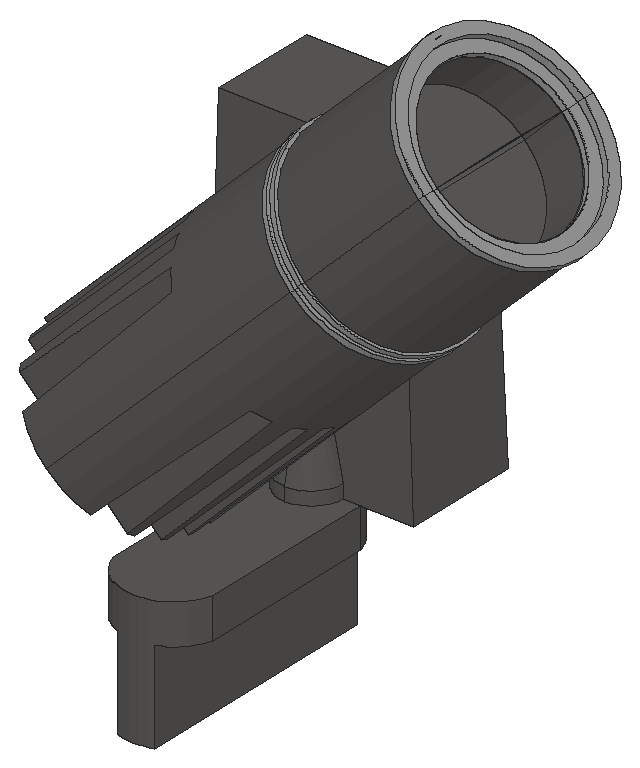
Revit family "2055965", category Lighting Fixtures, host Face, Revit 2016
Family settings
  Host = Face
  Part Type = Normal
  Round Connector Dimension = Use Diameter
  OmniClass Number = 23.80.70.00
  OmniClass Title = Lighting
  Cut with Voids When Loaded = No
  Light Source = No
  Shared = No
  Room Calculation Point = No
Parameters (values of type "2055965 BCON PRJ FRAM DALI L3 3K BLK")
  Weight = "1.365 kg"
  Wattage Comments = ""
  WarrantyStartDate [instance] = "n/a"
  WarrantyGuarantorParts = "n/a"
  WarrantyDurationUnit = "n/a"
  WarrantyDurationParts = "n/a"
  WarrantyDescription = "n/a"
  Voltage = 230 V
  URL = "http://www.sylvania-lighting.com"
  TypeName = "BCON PRJ FRAM DALI L3 3K BLK"
  TypeHead_SYL = Beacon LED Projector Framing Head : 2055965 BCON PRJ FRAM DALI L3 3K BLK
  Type Image = <None>
  Type Comments = "n/a"
  Track_SYL = yes
  Surface_SYL = not(Track_SYL)  # no
  SerialNumber [instance] = "n/a"
  Material_3_SYL = none
  PowerFactor = 0.95
  PowerConsumption = "35 W"
  NominalLength = 0 mm
  NominalHeight = 215 mm
  NominalDepth = 185 mm
  Name = "BCON PRJ FRAM DALI L3 3K BLK"
  ModelReference = Name  # "BCON PRJ FRAM DALI L3 3K BLK"
  ModelNumber = "2055965"
  Model = Name  # "BCON PRJ FRAM DALI L3 3K BLK"
  Material = "aluminium housing"
  ManufacturerName = "Feilo Sylvania"
  Manufacturer = "Feilo Sylvania"
  LuminousEfficacy = "14 lm/W"
  LuminaireType = ""
  LightOutputRatio = "100"
  LampsType = Lamp  # "LED"
  LampNominalLuminous = "474 lm"
  LampMacAdamStep = "3"
  LampColourTemperature = "3000 K"
  LampColourRenderingIndex = "97"
  Lamp = "LED"
  Keynote = "16500"
  InstallationDate [instance] = "n/a"
  InputVoltage = "AC 230 V"
  InputNominalFrequency = "50/60 Hz"
  IngressProtection = "IP20"
  ImpactProtectionIndex = "IK02"
  IfcExportType = "IfcLightFixtureType"
  IfcExportAs = "IfcLightFixtureType"
  HorizontalRotation_SYL [instance] = 0.00°
  EndAngle_SYL [instance] = HorizontalRotation_SYL + 180.00°  # 180.00°
  ElectricShockClassification = "Class II"
  DocumentationLiterature = "http://www.sylvania-lighting.com/product/en-int/products/2055965"
  DimmingControlOptions = "n/a"
  Material_2_SYL = Body-Sylvania-Black
  Description = "Beacon Projector offers precision light exactly where it is needed. The Framing Projector has four adjustable arms allowing the beam to be framed to the desired size shape (square/rectangle or irregular 4 sided shapes).High colour rendering CRI 97 typical. IR/UV free light source without heat radiation. LED technology provides an energy efficient solution with reduced maintenance costs."
  Default Elevation = 1219.2 mm
  CreatedOn = "3/14/2019"
  CreatedBy = "@sylvania-lighting.com"
  Cost = 0
  built-in parameter 1114216 [instance] = (empty or 0)
  ClassificationValue = "EF_70_80"
  ClassificationName = "Uniclass2015"
  Material_1_SYL = Body-Sylvania-Black
  BarCode [instance] = "n/a"
  AssetType = "Fixed"
  AssetIdentifier [instance] = "n/a"
  Assembly Code = "D5020200"
  Apparent Load = 35 VA
  Material_4_SYL = none
Reference planes
  plane 1 "Center (Front/Back)": y = 0
  plane 2: z = 0
  plane 3 "Center (Left/Right)": x = 0
  plane 4: x = 7
  plane 5: x = -7
  plane 6: z = -34.5
  plane 7: z = 15
  plane 8: x = 18.5
  plane 9: x = -18.5
  plane 10: y = 48.5
  plane 11: y = -48.5
  plane 12: y = 34.5
  plane 13: y = -34.5
  plane 14: y = 77
  plane 15: y = -8
  plane 16: x = 42.5
  plane 17: x = -42.5
Forms (mm)
  Extrusion 1, solid, material "Body-Sylvania-Black" <- "Material_1_SYL", visible <- "Track_SYL"
    sketch origin (0, 0, 0) x (1, 0, 0) y (0, 0, 1)
      loop
        line (-18.5, 15) -> (-18.5, 0) -> (-7, 0) -> (-7, -34.5) -> (7, -34.5) -> (7, 0) -> (18.5, 0) -> (18.5, 15) -> (-18.5, 15)
    from -48.5 to 48.5
  Extrusion 2, void
    sketch origin (0, 0, 0) x (1, 0, 0) y (0, 1, 0)
      loop
        arc (-18.5, 34.5) -> (0, 48.5) -> (18.5, 34.5) r 19.223
        line (18.5, 34.5) -> (21.5, 34.5) -> (21.5, 54.5) -> (-23.5, 54.5) -> (-23.5, 34.5) -> (-18.5, 34.5)
      loop
        line (-18.5, -34.5) -> (-23.5, -34.5) -> (-23.5, -54.5) -> (21.5, -54.5) -> (21.5, -34.5) -> (18.5, -34.5)
        arc (18.5, -34.5) -> (0, -48.5) -> (-18.5, -34.5) r 19.223
    from -34.5 to 15
  Revolve 3, solid, not visible
    sketch origin (0, 0, 0) x (0, 1, 0) y (0, 0, 1)
      loop
        line (34.5, 15) -> (48.5, 15) -> (48.5, 39.844) -> (34.5, 39.844) -> (34.5, 15)
      axis (34.5, 15) -> (34.5, 39.844)
    angle from 0 <- "HorizontalRotation_SYL" to 180 <- "EndAngle_SYL"
  Extrusion 4, solid, material "Body-Sylvania-Black" <- "Material_1_SYL", visible <- "Surface_SYL"
    sketch origin (0, 0, 0) x (1, 0, 0) y (0, 1, 0)
      loop
        arc (39.5, -8) -> (41.621, -7.121) -> (42.5, -5) r 3
        line (42.5, -5) -> (42.5, 74)
        arc (42.5, 74) -> (41.621, 76.121) -> (39.5, 77) r 3
        line (39.5, 77) -> (-39.5, 77)
        arc (-39.5, 77) -> (-41.621, 76.121) -> (-42.5, 74) r 3
        line (-42.5, 74) -> (-42.5, -5)
        arc (-42.5, -5) -> (-41.621, -7.121) -> (-39.5, -8) r 3
        line (-39.5, -8) -> (39.5, -8)
    from 0 to 15
Cuts and joins
  Extrusion 2 cuts Extrusion 1
Dimensions and locks
  plane 8 to plane 4 to plane 3 "Center (Left/Right)" to plane 5 to plane 9 = 11.5 mm locked, 7 mm locked, 7 mm locked, 11.5 mm locked
  plane 7 to level to plane 6 = 15 mm locked, 34.5 mm locked
  plane 11 to plane 1 "Center (Front/Back)" to plane 10 = 48.5 mm locked, 48.5 mm locked
  plane 13 to plane 1 "Center (Front/Back)" to plane 12 = 34.5 mm locked, 34.5 mm locked
  plane 15 to plane 12 to plane 14 = 42.5 mm locked, 42.5 mm locked
  plane 16 to plane 3 "Center (Left/Right)" to plane 17 = 42.5 mm locked, 42.5 mm locked
  aligned and locked: plane 2 to host face
  aligned and locked: level to host face
  aligned and locked: plane 7 to Extrusion 1 sketch curve
  aligned and locked: level to Extrusion 1 sketch curve
  aligned and locked: Extrusion 1 sketch curve to plane 8
  aligned and locked: Extrusion 1 sketch curve to plane 6
  aligned and locked: Extrusion 1 sketch curve to plane 4
  aligned and locked: plane 5 to Extrusion 1 sketch curve
  aligned and locked: Extrusion 1 sketch curve to level
  aligned and locked: Extrusion 1 to plane 10
  aligned and locked: plane 11 to Extrusion 1
  aligned and locked: plane 12 to Extrusion 2 sketch curve  (x2)
  aligned and locked: plane 8 to Extrusion 2 sketch curve
  aligned and locked: plane 9 to Extrusion 2 sketch curve
  aligned and locked: plane 13 to Extrusion 2 sketch curve  (x3)
  aligned and locked: Extrusion 2 sketch curve to Extrusion 2 sketch curve  (x2)
  aligned and locked: plane 6 to Extrusion 2
  aligned and locked: Extrusion 2 to plane 7
  aligned and locked: Revolve 3 sketch curve to plane 12
  aligned and locked: Revolve 3 sketch curve to cut or joined group of Extrusion 1, Extrusion 2  (x2)
  aligned and locked: Revolve 3 sketch curve to plane 10
  aligned and locked: Extrusion 4 sketch curve to plane 15
  aligned and locked: Extrusion 4 sketch curve to plane 16
  aligned and locked: plane 14 to Extrusion 4 sketch curve
  aligned and locked: plane 17 to Extrusion 4 sketch curve
  aligned and locked: Extrusion 4 to plane 7
  aligned and locked: Extrusion 4 to level
  aligned and locked: nested 2 to plane 12
Nested families
  nested 1: "Beacon LED Projector Framing Gearbox" at (0, 34.5, 15) x (0, 1, 0) z (1, 0, 0), type "Type Name"
    with VerticalRotation_SYL -45.00°, EndAngle_SYL 135.00°
  nested 2: "Beacon LED Projector Framing Head" at (0, -10.5, 78) x (0, 1, 0) z (0.7071, 0, 0.7071), type <- "TypeHead_SYL", type "2055965 BCON PRJ FRAM DALI L3 3K BLK"
    with built-in parameter 1114216 (empty or 0)
Connectors
  electrical at (0, 34.5, 0), driven by "Voltage", driven by "Apparent Load", driven by "PowerFactor"
    settings: on Extrusion 4, index 1, voltage 230 V, apparent load 35 VA, apparent load phase1 0 VA, apparent load phase2 0 VA, apparent load phase3 0 VA, power factor 0.95, load classification "Other", number of poles 1, system type 30, power factor state 1, is connector primary yes, connector utility no, sub classification motor no, connector description ""
Definition of nested family "Beacon LED Projector Framing Gearbox"
  Parameters (values of type "Type Name")
    VerticalRotation_SYL [instance] = 0.00°
    URL = "http://www.sylvania-lighting.com"
    Type Image = (empty or 0)
    Type Comments = "n/a"
    Material_3_SYL = none
    Model = ""
    Manufacturer = "Feilo Sylvania"
    Keynote = ""
    Material_2_SYL = none
    EndAngle_SYL [instance] = VerticalRotation_SYL + 180.00°  # 180.00°
    Description = ""
    Default Elevation = 1219.2 mm
    Cost = 0
    Material_1_SYL = none
    Assembly Code = ""
    Material_4_SYL = none
  Reference planes
    plane 1 "Center (Front/Back)": y = 0
    plane 2: z = 0
    plane 3 "Center (Left/Right)": x = 0
    plane 4: y = 5
    plane 5: y = 63
    plane 6: y = 47
    plane 7: y = 121
    plane 8: x = -3
    plane 9: x = -12
    plane 10: x = 41
    plane 11: x = 44
    plane 12: z = 38.5
    plane 13: z = -38.5
    plane 14: z = 34.5
    plane 15: z = -34.5
  Forms (mm)
    Extrusion 1, solid
      sketch origin (4.2, 0, 0) x (1, 0, 0) y (0, 1, 0)
        loop
          line (-1219.2, 1219.2) -> (-1219.2, -1219.2) -> (1219.2, -1219.2) -> (1219.2, 1219.2) -> (-1219.2, 1219.2)
      from 0 to -68.017
    Revolve 2, solid, material <- "Material_1_SYL"
      sketch origin (0, 0, 0) x (1, 0, 0) y (0, 1, 0)
        loop
          line (0, 0) -> (0, 47) -> (-3, 47) -> (-12, 5) -> (-12, 0) -> (0, 0)
        axis (0, 47) -> (0, 0)
      angle from 360 to 0
    Blend 3, solid, material <- "Material_1_SYL"
      base sketch origin (0, 0, 0) x (1, 0, 0) y (0, 0, 1)
        loop
          line (0, -38.5) -> (44, -38.5) -> (44, 38.5) -> (0, 38.5) -> (0, -38.5)
      top sketch origin (0, 0, 0) x (1, 0, 0) y (0, 0, 1)
        loop
          line (0, 34.5) -> (0, -34.5) -> (41, -34.5) -> (41, 34.5) -> (0, 34.5)
      from 0 to -121
    Revolve 4, solid, not visible
      sketch origin (0, 0, 0) x (1, 0, 0) y (0, 1, 0)
        loop
          line (0, 63) -> (-12, 63) -> (-12, 47) -> (0, 47) -> (0, 63)
        axis (0, 63) -> (-12, 63)
      angle from 0 <- "VerticalRotation_SYL" to 180 <- "EndAngle_SYL"
  Cuts and joins
    joined: Revolve 2, Blend 3
  Dimensions and locks
    plane 3 "Center (Left/Right)" to plane 10 to plane 11 = 41 mm locked, 3 mm locked
    plane 9 to plane 8 to plane 3 "Center (Left/Right)" = 9 mm locked, 3 mm locked
    plane 1 "Center (Front/Back)" to plane 4 to plane 6 to plane 5 to plane 7 = 5 mm locked, 42 mm locked, 16 mm locked, 58 mm locked
    plane 14 to level to plane 15 = 34.5 mm locked, 34.5 mm locked
    locked: plane 12 to plane 14 at 4
    locked: plane 15 to plane 13 at 4
    aligned and locked: plane 2 to Extrusion 1
    aligned and locked: level to Extrusion 1
    aligned and locked: Revolve 2 sketch curve to plane 3 "Center (Left/Right)"  (x2)
    aligned and locked: Revolve 2 sketch curve to Revolve 2 sketch curve
    aligned and locked: Revolve 2 sketch curve to plane 1 "Center (Front/Back)"
    aligned and locked: plane 4 to Revolve 2 sketch curve
    aligned and locked: plane 9 to Revolve 2 sketch curve
    aligned and locked: plane 6 to Revolve 2 sketch curve  (x2)
    aligned and locked: plane 3 "Center (Left/Right)" to Revolve 2 sketch curve
    aligned and locked: plane 13 to Blend 3 sketch curve
    aligned and locked: Blend 3 sketch curve to plane 3 "Center (Left/Right)"
    aligned and locked: Blend 3 sketch curve to plane 12
    aligned and locked: plane 11 to Blend 3 sketch curve
    aligned and locked: plane 14 to Blend 3 sketch curve
    aligned and locked: Blend 3 sketch curve to plane 15
    aligned and locked: Blend 3 sketch curve to plane 10
    aligned and locked: Blend 3 to plane 7
    aligned and locked: plane 1 "Center (Front/Back)" to Blend 3
    aligned and locked: Revolve 4 sketch curve to plane 5
    aligned and locked: Revolve 4 sketch curve to Revolve 4 sketch curve
    aligned and locked: plane 3 "Center (Left/Right)" to Revolve 4 sketch curve
    aligned and locked: plane 6 to Revolve 4 sketch curve
    aligned and locked: Revolve 4 sketch curve to plane 9
Definition of nested family "Beacon LED Projector Framing Head"
  Parameters (values of type "2055967 BCON PRJ FRAM DALI L3 4K BLK")
    Wattage Comments = "n/a"
    Wattage = 35 W
    built-in parameter 1150110 = 1 (stored number, unit not read)
    URL = "http://www.sylvania-lighting.com"
    Type Image = (empty or 0)
    Type Comments = "n/a"
    built-in parameter 1114217 = 1 (stored number, unit not read)
    Tilt Angle = -90.00°
    built-in parameter 1150109 = 1 (stored number, unit not read)
    built-in parameter 1150134 = 12
    built-in parameter 1150113 = 1 (stored number, unit not read)
    Photometric Web File = "spot_ideal.ies"
    Material_3_SYL = none
    Model = "BCON PRJ FRAM DALI L3 4K BLK"
    Manufacturer = "Feilo Sylvania"
    built-in parameter 1150105 = 49 (stored number, unit not read)
    Lumens = 490 lm
    built-in parameter 1150115 = 1 (stored number, unit not read)
    built-in parameter 1150137 = (empty or 0)
    built-in parameter 1150139 = (empty or 0)
    built-in parameter 1150112 = 1 (stored number, unit not read)
    built-in parameter 1150114 = 1 (stored number, unit not read)
    Lamp = "LED"
    Keynote = "16500"
    Material_2_SYL = none
    built-in parameter 1150132 = (empty or 0)
    built-in parameter 1150102 = (empty or 0)
    built-in parameter 1150107 = 4000 (stored number, unit not read)
    built-in parameter 1150138 = (empty or 0)
    built-in parameter 1150106 = 0.49 (stored number, unit not read)
    Emit from Circle Diameter = 61 mm
    Emit Shape Visible in Rendering = no
    built-in parameter 1150104 = 1.3006 (stored number, unit not read)
    Dimming Lamp Color Temperature Shift = (empty or 0)
    Description = "Beacon Projector offers precision light exactly where it is needed. The Framing Projector has four adjustable arms allowing the beam to be framed to the desired size shape (square/rectangle or irregular 4 sided shapes).High colour rendering CRI 97 typical. IR/UV free light source without heat radiation. LED technology provides an energy efficient solution with reduced maintenance costs."
    Default Elevation = 1219.2 mm
    Cost = 0
    Color Filter = 16777215
    built-in parameter 1114216 [instance] = (empty or 0)
    Material_1_SYL = none
    built-in parameter 1114218 = 1 (stored number, unit not read)
    built-in parameter 1150133 = 10 (stored number, unit not read)
    Assembly Code = "D5020200"
    Apparent Load = 35 VA
    Material_4_SYL = none
  Types (12, lengths in mm): name | built-in parameter 1150134 | Model | built-in parameter 1150107
    2055967 BCON PRJ FRAM DALI L3 4K BLK | 12 | "BCON PRJ FRAM DALI L3 4K BLK" | 4000 (stored number, unit not read)
    2055966 BCON PRJ FRAM DALI L3 4K WH | 12 | "BCON PRJ FRAM DALI L3 4K WH" | 4000 (stored number, unit not read)
    2055965 BCON PRJ FRAM DALI L3 3K BLK | (empty or 0) | "BCON PRJ FRAM DALI L3 3K BLK" | 3000 (stored number, unit not read)
    2055964 BCON PRJ FRAM DALI L3 3K WH | (empty or 0) | "BCON PRJ FRAM DALI L3 3K WH" | 3000 (stored number, unit not read)
    2055963 BCON PRJ FRAM O/B SM 4K BLK | 12 | "BCON PRJ FRAM O/B SM 4K BLK" | 4000 (stored number, unit not read)
    2055962 BCON PRJ FRAM O/B SM 4K WH | 12 | "BCON PRJ FRAM O/B SM 4K WH" | 4000 (stored number, unit not read)
    2055961 BCON PRJ FRAM O/B SM 3K BLK | (empty or 0) | "BCON PRJ FRAM O/B SM 3K BLK" | 3000 (stored number, unit not read)
    2055960 BCON PRJ FRAM O/B SM 3K WH | (empty or 0) | "BCON PRJ FRAM O/B SM 3K WH" | 3000 (stored number, unit not read)
    2055959 BCON PRJ FRAM O/B L3 4K BLK | 12 | "BCON PRJ FRAM O/B L3 4K BLK" | 4000 (stored number, unit not read)
    2055958 BCON PRJ FRAM O/B L3 4K WH | 12 | "BCON PRJ FRAM O/B L3 4K WH" | 4000 (stored number, unit not read)
    2055957 BCON PRJ FRAM O/B L3 3K BLK | (empty or 0) | "BCON PRJ FRAM O/B L3 3K BLK" | 3000 (stored number, unit not read)
    2055956 BCON PRJ FRAM O/B L3 3K WH | (empty or 0) | "BCON PRJ FRAM O/B L3 3K WH" | 3000 (stored number, unit not read)
  Reference planes
    plane 1 "Center (Front/Back)": y = 0
    plane 2: z = 0
    plane 3 "Center (Left/Right)": x = 0
    plane 4: x = 39.5
    plane 5: x = -39.5
    plane 6: z = -45
    plane 7: z = 155
    plane 8: z = 152.4
    plane 9: x = -38.5
    plane 10: z = 91
    plane 11: z = 84.75
    plane 12: z = 35
    plane 13: x = -35.25
    plane 14: z = 151.937
    plane 15: x = -30.5
    plane 16: z = 149.187
    plane 17: z = 88.75
    plane 18: z = 87
    plane 19: x = -37.5
    plane 20: z = 129.187
    plane 21: x = -2.5
    plane 22: x = 2.5
    plane 23: x = -4
    plane 24: x = 4
    plane 25: z = 15
    plane 26: z = -15
    plane 27: x = 45
    plane 28: x = 14.75
  Forms (mm)
    Extrusion 1, solid
      sketch origin (4.2, 0, 0) x (1, 0, 0) y (0, 1, 0)
        loop
          line (-1219.2, 1219.2) -> (-1219.2, -1219.2) -> (1219.2, -1219.2) -> (1219.2, 1219.2) -> (-1219.2, 1219.2)
      from 0 to -68.017
    Revolve 2, solid, material <- "Material_2_SYL"
      sketch origin (0, 0, 0) x (1, 0, 0) y (0, 0, 1)
        loop
          line (-30.5, 149.188) -> (-30.5, 151.938) -> (-35.25, 151.938) -> (-35.25, 155) -> (-39.5, 155) -> (-39.5, 152.4) -> (-37.5, 152.4) -> (-37.5, 149.188) -> (-30.5, 149.188)
        axis (0, 155) -> (0, 149.188)
      angle from 360 to 0
    Revolve 3, solid, material <- "Material_3_SYL"
      sketch origin (0, 0, 0) x (1, 0, 0) y (0, 0, 1)
        loop
          arc (0, 156.729) -> (-15.437, 155.524) -> (-30.5, 151.938) r 99.476
          line (-30.5, 151.938) -> (-30.5, 149.188) -> (0, 149.188) -> (0, 156.729)
        axis (0, 156.729) -> (0, 149.188)
      angle from 360 to 0
    Revolve 4, solid, material <- "Material_1_SYL"
      sketch origin (0, 0, 0) x (1, 0, 0) y (0, 0, 1)
        loop
          line (-38.5, 152.4) -> (-38.5, 91) -> (-35.25, 91) -> (-35.25, 84.75) -> (-38.5, 84.75) -> (-38.5, -45) -> (0, -45) -> (0, 129.187) -> (-30.5, 129.187) -> (-30.5, 149.188) -> (-37.5, 149.188) -> (-37.5, 152.4) -> (-38.5, 152.4)
        axis (0, 152.4) -> (0, -45)
      angle from 360 to 0
    Revolve 5, solid, material <- "Material_2_SYL"
      sketch origin (0, 0, 0) x (1, 0, 0) y (0, 0, 1)
        loop
          line (-39.5, 91) -> (-39.5, 88.75) -> (-37.5, 88.75) -> (-37.5, 87) -> (-39.5, 87) -> (-39.5, 84.75) -> (-35.25, 84.75) -> (-35.25, 91) -> (-39.5, 91)
        axis (0, 91) -> (0, 84.75)
      angle from 360 to 0
    Extrusion 6, void
      sketch origin (20, 0, 0) x (-1, 0, 0) y (0, 0, 1)
        loop
          line (17.5, 35) -> (16, -45) -> (24, -45) -> (22.5, 35) -> (17.5, 35)
      from -40 to 40
    Extrusion 7, void
      sketch origin (20, 0, 0) x (-1, 0, 0) y (0, 0, 1)
        loop
          line (27.5, 35) -> (26, -45) -> (34, -45) -> (32.5, 35) -> (27.5, 35)
      from -40 to 40
    Extrusion 8, void
      sketch origin (-20, 0, 0) x (1, 0, 0) y (0, 0, 1)
        loop
          line (2.5, 35) -> (-2.5, 35) -> (-4, -45) -> (4, -45) -> (2.5, 35)
      from -40 to 40
    Extrusion 9, void
      sketch origin (20, 0, 0) x (-1, 0, 0) y (0, 0, 1)
        loop
          line (47.5, 35) -> (46, -45) -> (54, -45) -> (52.5, 35) -> (47.5, 35)
      from -40 to 40
    Extrusion 10, void
      sketch origin (30, 0, 0) x (-1, 0, 0) y (0, 0, 1)
        loop
          line (2.5, 35) -> (-2.5, 35) -> (-4, -45) -> (4, -45) -> (2.5, 35)
      from -40 to 40
    Extrusion 11, void
      sketch origin (10, 0, 0) x (-1, 0, 0) y (0, 0, 1)
        loop
          line (2.5, 35) -> (-2.5, 35) -> (-4, -45) -> (4, -45) -> (2.5, 35)
      from -40 to 40
    Extrusion 12, void
      sketch origin (20, 0, 0) x (-1, 0, 0) y (0, 0, 1)
        loop
          line (2.5, 35) -> (-2.5, 35) -> (-4, -45) -> (4, -45) -> (2.5, 35)
      from -40 to 40
    Revolve 13, solid, material <- "Material_1_SYL"
      sketch origin (0, 0, 0) x (1, 0, 0) y (0, 0, 1)
        loop
          line (45, 15) -> (14.75, 15) -> (14.75, 0) -> (45, 0) -> (45, 15)
        axis (14.75, 0) -> (45, 0)
      angle from 360 to 0
  Cuts and joins
    Extrusion 6, Extrusion 7, Extrusion 8, Extrusion 9, Extrusion 10, Extrusion 11, Extrusion 12 cuts Revolve 4
    joined: Revolve 4, Revolve 13
  Lines and regions (mm)
    reference lines
      curve 1: line (-2.5, 0, 35) -> (-4, 0, -45)
      curve 2: line (4, 0, -45) -> (2.5, 0, 35)
  Dimensions and locks
    plane 7 to level to plane 6 = 155 mm locked, 45 mm locked
    equal spacing: plane 4, plane 3 "Center (Left/Right)", plane 5
    locked: plane 4 to plane 5 at 79
    locked: plane 7 to plane 10 at 64
    plane 10 to plane 11 = 6.25 mm
    locked: plane 7 to plane 12 at 120
    plane 3 "Center (Left/Right)" to plane 15 to plane 13 to plane 9 to plane 5 = 30.5 mm, 4.75 mm, 3.25 mm, 1 mm
    plane 7 to plane 8 to plane 14 to plane 16 = 2.6 mm locked, 0.463 mm locked, 2.75 mm locked
    locked: plane 3 "Center (Left/Right)" to plane 19 at 37.5
    locked: plane 16 to plane 20 at 20
    plane 10 to plane 17 to plane 18 = 2.25 mm locked, 1.75 mm locked
    plane 22 to plane 3 "Center (Left/Right)" to plane 21 = 2.5 mm locked, 2.5 mm locked
    plane 24 to plane 3 "Center (Left/Right)" to plane 23 = 4 mm locked, 4 mm locked
    equal spacing: group 4, group 3, group 2, group 1
    equal spacing: group 1, group 2, group 3, group 4  (x2)
    plane 25 to level to plane 26 = 15 mm locked, 15 mm locked
    locked: plane 27 to plane 3 "Center (Left/Right)" at 45
    locked: plane 28 to plane 3 "Center (Left/Right)" at 14.75
    aligned and locked: plane 2 to Extrusion 1
    aligned and locked: level to Extrusion 1
    aligned and locked: Revolve 2 sketch curve to plane 3 "Center (Left/Right)"
    aligned and locked: plane 16 to Revolve 2 sketch curve  (x2)
    aligned and locked: plane 15 to Revolve 2 sketch curve
    aligned and locked: plane 13 to Revolve 2 sketch curve
    aligned and locked: Revolve 2 sketch curve to plane 14
    aligned and locked: Revolve 2 sketch curve to plane 7
    aligned and locked: Revolve 2 sketch curve to plane 5
    aligned and locked: plane 8 to Revolve 2 sketch curve
    aligned and locked: Revolve 3 sketch curve to plane 3 "Center (Left/Right)"
    aligned and locked: Revolve 3 sketch curve to Revolve 2
    aligned and locked: Revolve 2 to Revolve 3 sketch curve
    aligned and locked: plane 3 "Center (Left/Right)" to Revolve 3 sketch curve
    aligned and locked: Revolve 4 sketch curve to plane 3 "Center (Left/Right)"
    aligned and locked: plane 10 to Revolve 4 sketch curve
    aligned and locked: Revolve 4 sketch curve to plane 13
    aligned and locked: Revolve 4 sketch curve to plane 11
    aligned and locked: Revolve 4 sketch curve to plane 9  (x2)
    aligned and locked: plane 6 to Revolve 4 sketch curve
    aligned and locked: plane 3 "Center (Left/Right)" to Revolve 4 sketch curve
    aligned and locked: plane 15 to Revolve 4 sketch curve
    aligned and locked: Revolve 4 sketch curve to plane 8
    aligned and locked: Revolve 2 sketch curve to plane 19
    aligned and locked: plane 19 to Revolve 4 sketch curve
    aligned and locked: Revolve 4 sketch curve to plane 20
    aligned and locked: Revolve 5 sketch curve to plane 3 "Center (Left/Right)"
    aligned and locked: plane 10 to Revolve 5 sketch curve
    aligned and locked: Revolve 5 sketch curve to plane 5  (x2)
    aligned and locked: plane 17 to Revolve 5 sketch curve
    aligned and locked: plane 18 to Revolve 5 sketch curve
    aligned and locked: Revolve 5 sketch curve to plane 19
    aligned and locked: plane 11 to Revolve 5 sketch curve
    aligned and locked: Revolve 5 sketch curve to Revolve 4  (x2)
    aligned and locked: plane 21 to curve 1
    aligned and locked: plane 23 to curve 1
    aligned and locked: plane 24 to curve 2
    aligned and locked: plane 22 to curve 2
    aligned and locked: Revolve 13 sketch curve to plane 25
    aligned and locked: plane 27 to Revolve 13 sketch curve
    aligned and locked: Revolve 13 sketch curve to level  (x2)
    aligned and locked: Revolve 13 sketch curve to plane 28
    aligned and locked: plane 3 "Center (Left/Right)" to imposter light
    aligned and locked: imposter light to plane 7
    aligned and locked: imposter light to plane 1 "Center (Front/Back)"
  Automatic sketch dimensions
    Extrusion 1 sketch curve to Extrusion 1 sketch curve = 2438.4 mm  (x2)
    plane 6 to Revolve 2 sketch curve = 564.6 mm
    Revolve 2 sketch curve to plane 7 = 2454.058 mm
    Revolve 3 sketch curve to plane 14 = 0 mm
    Revolve 3 sketch curve to plane 12 = 22.253 mm
    plane 6 to Revolve 3 sketch curve = 564.6 mm
    Revolve 3 sketch curve to Revolve 3 sketch curve = 2452.329 mm
    Revolve 4 sketch curve to plane 16 = 0 mm
    plane 6 to Revolve 4 sketch curve = 564.6 mm
    Revolve 4 sketch curve to plane 7 = 2454.058 mm
    plane 6 to Revolve 5 sketch curve = 564.6 mm
    Revolve 5 sketch curve to plane 7 = 2454.058 mm
    curve 2 to plane 12 = 0 mm
    curve 2 to plane 6 = 0 mm
    curve 1 to plane 6 = 0 mm
    curve 1 to plane 12 = 0 mm
    Extrusion 6 sketch curve to Extrusion 6 sketch curve = 1.5 mm
    Extrusion 6 sketch curve to Extrusion 6 sketch curve = 5 mm
    Extrusion 6 sketch curve to Extrusion 6 sketch curve = 8 mm
    Extrusion 6 sketch curve to Extrusion 6 sketch curve = 80 mm
    Extrusion 7 sketch curve to Extrusion 7 sketch curve = 1.5 mm
    Extrusion 7 sketch curve to Extrusion 7 sketch curve = 5 mm
    Extrusion 7 sketch curve to Extrusion 7 sketch curve = 8 mm
    Extrusion 7 sketch curve to Extrusion 7 sketch curve = 80 mm
    Extrusion 8 sketch curve to Extrusion 8 sketch curve = 1.5 mm
    Extrusion 8 sketch curve to Extrusion 8 sketch curve = 5 mm
    Extrusion 8 sketch curve to Extrusion 8 sketch curve = 8 mm
    Extrusion 8 sketch curve to Extrusion 8 sketch curve = 80 mm
    Extrusion 9 sketch curve to Extrusion 9 sketch curve = 1.5 mm
    Extrusion 9 sketch curve to Extrusion 9 sketch curve = 5 mm
    Extrusion 9 sketch curve to Extrusion 9 sketch curve = 8 mm
    Extrusion 9 sketch curve to Extrusion 9 sketch curve = 80 mm
    Extrusion 10 sketch curve to Extrusion 10 sketch curve = 1.5 mm
    Extrusion 10 sketch curve to Extrusion 10 sketch curve = 5 mm
    Extrusion 10 sketch curve to Extrusion 10 sketch curve = 8 mm
    Extrusion 10 sketch curve to Extrusion 10 sketch curve = 80 mm
    Extrusion 11 sketch curve to Extrusion 11 sketch curve = 1.5 mm
    Extrusion 11 sketch curve to Extrusion 11 sketch curve = 5 mm
    Extrusion 11 sketch curve to Extrusion 11 sketch curve = 8 mm
    Extrusion 11 sketch curve to Extrusion 11 sketch curve = 80 mm
    Extrusion 12 sketch curve to Extrusion 12 sketch curve = 1.5 mm
    Extrusion 12 sketch curve to Extrusion 12 sketch curve = 5 mm
    Extrusion 12 sketch curve to Extrusion 12 sketch curve = 8 mm
    Extrusion 12 sketch curve to Extrusion 12 sketch curve = 80 mm
    Revolve 13 sketch curve to plane 5 = 1495.135 mm
    plane 27 to Revolve 13 sketch curve = 1614.773 mm
